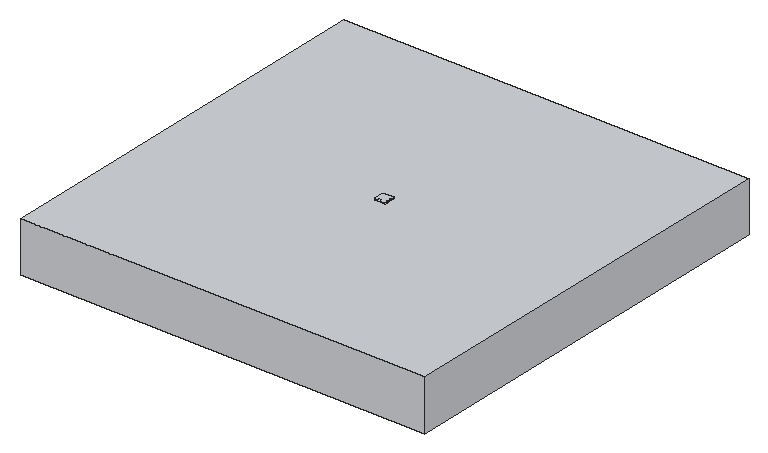
Revit family "Gira_540600rfa", category Allgemeines Modell, Revit 2017
Family settings
  Basisbauteil = Fläche
  Kann Basisbauteil für Bewehrung sein = Nein
  Bemaßung runder Anschluss = Durchmesser verwenden
  Teiletyp = Normal
  Beim Laden mit Abzugskörper schneiden = Nein
  Gemeinsam genutzt = Nein
  Raumberechnungspunkt = Nein
Parameters
  With memory function = no
  With glass breaking detector connection = no
  With brightness sensor connection = no
  With Astro program = no
  Default Elevation = 1219.2 mm
  URL = "https://www.gira.de/"
  Typname = "S3000 DALI Power ctrl.unit FM ins. Insert"
  Type of load = "Universal"
  Type of fastening = "Mounting with claw and screw"
  Transparent = no
  Through loss at 860 MHz [B] = 0.1
  Through loss at 2150 MHz [B] = 0.1
  Switch-off protection = no
  Surface protection = "Other"
  Surface finishing = "Not applicable"
  Suitable for wind sensor = no
  Suitable for rain sensor = no
  Suitable for degree of protection (IP) = "IP20"
  Substation input = yes
  Shielded housing = no
  Shielded buses = yes
  Serial dimmer = no
  Separate strain relief = yes
  Random generator = no
  Productwebsite = "http://katalog.gira.de/en/datenblatt.html?artikelnr=540600"
  Nominal voltage [Volt] 3 = "[230:230]"
  Nominal voltage [Volt] 2 = "[230:230]"
  Nominal voltage [Volt] = 230
  Mounting method shielding connection = "Screw"
  Mounting method = "Flush mounted (plaster)"
  Model = "Auxiliary post"
  Method of operation = "Turn/push button"
  Mechanical coding = no
  Max. switching power [Voltampere] = 1000
  Material quality = "Other"
  Material = "Other"
  Light value memory = yes
  Integrated timer = no
  Hersteller = "Gira"
  Halogen free = no
  HAN = "540600"
  GTIN = "4010337048275"
  Frequency [Hz] = "[50:60]"
  Dimming phase cut-on = yes
  Dimming phase cut-off = yes
  Degree of protection (IP) = "IP20"
  Data sheet = "https://katalog.gira.de/en/download.html?artikelnr=540600"
  Connection type = "Screwed terminal"
  Colour = "Other"
  Category = "Other"
  Beschreibung = "S3000 DALI Pow.CU FM ins. Ins.,Gira System 3000 DALI power control unit, flush-mounted insert,,,Features:,- For switching on off and adjusting brightness for lights with a DALI interface,- Adjustment of colour temperature for lights with DALI Device Type 8 for Tunable White according to IEC 62386-209.,- Connecting auxiliary units is possible.,- DALI power supply for 18 DALI devices.,- Parallel connection of up to 4 DALI Power control units to supply up to 72 DALI devices.,- Save the minimum brightness, the coolest and warmest colour temperature.,- Switch on with the last brightness colour temperature set, or a saved brightness colour temperature."
  BIM = "https://media.stage.bim.site/public/gira/290f3eb/Einsatz_1fach.rfa"
  Assembly arrangement = "Basic element"
  Applicable with transmission button = no
  Applicable with time switch/timer = no
  Applicable with presence indicator = no
  Applicable with movement sensor = no
  Applicable with infrared button = no
  Applicable with button = no
  App control via Bluetooth = no
Reference planes
  plane 1 "Center (Front/Back)": y = 0
  plane 2: z = 0
  plane 3 "Center (Left/Right)": x = 0
Forms (mm)
  Extrusion 1, solid
    sketch origin (0, 0, 0) x (1, 0, 0) y (0, 1, 0)
      loop
        line (-1219.2, 1219.2) -> (-1219.2, -1219.2) -> (1219.2, -1219.2) -> (1219.2, 1219.2) -> (-1219.2, 1219.2)
    from 0 to -304.8
  Extrusion 2, solid, detail levels fine
    sketch origin (0, 0, 0) x (1, 0, 0) y (0, 1, 0)
      loop
        line (27.475, 35.475) -> (-27.475, 35.475)
        arc (-27.475, 35.475) -> (-33.132, 33.132) -> (-35.475, 27.475) r 8
        line (-35.475, 27.475) -> (-35.475, -27.475)
        arc (-35.475, -27.475) -> (-33.132, -33.132) -> (-27.475, -35.475) r 8
        line (-27.475, -35.475) -> (27.475, -35.475)
        arc (27.475, -35.475) -> (33.132, -33.132) -> (35.475, -27.475) r 8
        line (35.475, -27.475) -> (35.475, 27.475)
        arc (35.475, 27.475) -> (33.132, 33.132) -> (27.475, 35.475) r 8
    from 0 to 1.8
  Extrusion 3, solid, detail levels fine
    sketch origin (0, 0, 0) x (1, 0, 0) y (0, 1, 0)
      loop
        line (9.678, 25.4) -> (-9.678, 25.4)
        arc (-9.678, 25.4) -> (-12.885, 24.922) -> (-15.814, 23.53) r 11
        arc (-15.814, 23.53) -> (-17.795, 22.07) -> (-19.641, 20.444) r 28.35
        arc (-19.641, 20.444) -> (-21.339, 18.665) -> (-22.876, 16.745) r 28.35
        arc (-22.876, 16.745) -> (-24.456, 13.666) -> (-25, 10.248) r 11
        line (-25, 10.248) -> (-25, -10.248)
        arc (-25, -10.248) -> (-24.456, -13.666) -> (-22.876, -16.745) r 11
        arc (-22.876, -16.745) -> (-20.409, -19.677) -> (-17.569, -22.25) r 28.35
        line (-17.569, -22.25) -> (17.569, -22.25)
        arc (17.569, -22.25) -> (20.409, -19.677) -> (22.876, -16.745) r 28.35
        arc (22.876, -16.745) -> (24.456, -13.666) -> (25, -10.248) r 11
        line (25, -10.248) -> (25, 10.248)
        arc (25, 10.248) -> (24.456, 13.666) -> (22.876, 16.745) r 11
        arc (22.876, 16.745) -> (21.593, 18.37) -> (20.195, 19.897) r 28.35
        arc (20.195, 19.897) -> (18.096, 21.823) -> (15.814, 23.53) r 28.35
        arc (15.814, 23.53) -> (12.885, 24.922) -> (9.678, 25.4) r 11
    from 0 to -22
  Extrusion 4, solid, detail levels medium
    sketch origin (0, 0, 0) x (1, 0, 0) y (0, 1, 0)
      loop
        line (-25, 25.4) -> (-25, -22.25) -> (25, -22.25) -> (25, 25.4) -> (-25, 25.4)
    from 0 to -22
  Extrusion 5, solid, detail levels coarse
    sketch origin (0, 0, 0) x (1, 0, 0) y (0, 1, 0)
      loop
        line (35.475, 35.475) -> (-35.475, 35.475) -> (-35.475, -35.475) -> (35.475, -35.475) -> (35.475, 35.475)
    from -22 to 1.8
  Extrusion 6, solid, detail levels medium
    sketch origin (0, 0, 0) x (1, 0, 0) y (0, 1, 0)
      loop
        line (35.475, 35.475) -> (-35.475, 35.475) -> (-35.475, -35.475) -> (35.475, -35.475) -> (35.475, 35.475)
    from 0 to 1.8
Dimensions and locks
  aligned and locked: plane 2 to Extrusion 1
  aligned and locked: level to Extrusion 1
Connectors
  electrical at (0, 0, -22)
    settings: on Extrusion 5, index 1, voltage 220 V, apparent load 0 VA, apparent load phase1 0 VA, apparent load phase2 0 VA, apparent load phase3 0 VA, power factor 1, load classification "Other", number of poles 1, system type 30, power factor state 1, is connector primary yes, connector utility no, sub classification motor no, connector description ""
